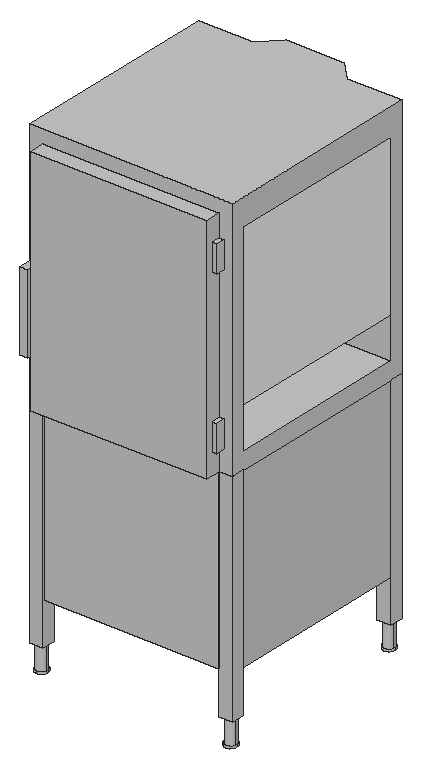
Revit family "QF_ELECTROLUXPROFESSIONAL_510501_RPMWC", category Specialty Equipment, Revit 2018
Family settings
  Round Connector Dimension = Use Diameter
  Part Type = Normal
  Work Plane-Based = No
  Always vertical = Yes
  Cut with Voids When Loaded = No
  Shared = No
  Room Calculation Point = No
Parameters
  hood_sx [instance] = yes
  Weight = 0.00 kg
  Watts = 0 W
  Volts = 220 V
  URL Manufacturer = "http://professional.electrolux.com/"
  URL = "http://professional.electrolux.com/"
  Steam Supply Size = 0 mm
  Steam Supply Minimum Pressure = 0.0 Pa
  Steam Supply Maximum Pressure = 0.0 Pa
  Steam Pounds per Hour = 0
  Show Clearance [instance] = yes
  Refrigeration Suction Line Size = 0 mm
  Refrigeration Liquid Line Size = 0 mm
  Refrigerant Compressor Remote = yes
  Manufacturer = "Electrolux"
  Phase = 0
  Model = "RPMWC"
  Length Actual = 600 mm  # constant formula
  Item Number = "510501"
  Hot Water Size = 12.7 mm
  Height Actual = 1450 mm  # constant formula
  HP = "1.2 HP"
  Gas Size = 0 mm
  Gas KW = 0
  Gas Input Pressure = 0 W
  Direct Waste Size = 139.7 mm
  Description = "REMOTE PREWASH MODULE WITH CORD"
  Depth Actual = 726 mm  # constant formula
  Cycle = 50 Hz
  Condensate Return Size = 0 mm
  Compressed Air Volume = 0.0 L/s
  Compressed Air Size = 0 mm
  Compressed Air Pressure = 0.0 Pa
  Cold Water Size = 12.7 mm
  Accessory = yes
Reference planes
  plane 1: z = 0
  plane 2 "Center Y": x = 883.437
  plane 3 "LEFT": x = 583.437
  plane 4 "RIGHT": x = 1183.437
  plane 5 "BACK": y = 313.258
  plane 6 "FRONT": y = -411.742
  plane 7 "TOP": z = 1450
  plane 8: z = 725
  plane 9 "Center X": y = -53.242
Forms (mm)
  Extrusion 1, solid, material "QF_Finishes_Stainless Steel"
    sketch origin (0, 0, 0) x (1, 0, 0) y (0, 1, 0)
      loop
        line (584.437, -325.742) -> (623.437, -325.742) -> (623.437, -364.742) -> (1143.437, -364.742) -> (1143.437, -325.742) -> (1182.437, -325.742) -> (1182.437, 219.258) -> (1143.437, 219.258) -> (1143.437, 258.258) -> (623.437, 258.258) -> (623.437, 219.258) -> (584.437, 219.258) -> (584.437, -325.742)
    from 201.366 to 725
  Extrusion 2, solid, material "QF_Finishes_Stainless Steel"
    sketch origin (0, 0, 0) x (1, 0, 0) y (0, 1, 0)
      loop
        line (583.437, 259.258) -> (583.437, -365.742) -> (1183.437, -365.742) -> (1183.437, 259.258) -> (583.437, 259.258)
    from 725 to 1450
  Extrusion 3, solid, material "QF_Finishes_Stainless Steel"
    sketch origin (0, 0, 0) x (1, 0, 0) y (0, 1, 0)
      loop
        line (623.437, -365.742) -> (623.437, -411.742) -> (1143.437, -411.742) -> (1143.437, -365.742) -> (623.437, -365.742)
    from 725 to 1410
  Extrusion 4, solid, material "QF_Finishes_Stainless Steel"
    sketch origin (1183.437, -365.742, 0) x (-1, 0, 0) y (0, 0, -1)
      loop
        line (40, -1345.389) -> (40, -1265.389) -> (25, -1265.389) -> (25, -1345.389) -> (40, -1345.389)
      loop
        line (40, -789.611) -> (25, -789.611) -> (25, -869.611) -> (40, -869.611) -> (40, -789.611)
    from 0 to 25.982
  Extrusion 5, solid, material "QF_Finishes_Stainless Steel"
    sketch origin (583.437, 437.565, 4000) x (0, 1, 0) y (0, 0, 1)
      loop
        line (-803.307, -2904.611) -> (-849.307, -2904.611) -> (-849.307, -3139.611) -> (-834.307, -3139.611) -> (-834.307, -2979.611) -> (-803.307, -2979.611) -> (-803.307, -2904.611)
    from 9.482 to 31.615
  Extrusion 6, solid, material "QF_Finishes_Stainless Steel"
    sketch origin (0, 0, 0) x (1, 0, 0) y (0, 1, 0)
      loop
        line (743.437, 259.258) -> (1023.437, 259.258) -> (969.437, 313.258) -> (797.437, 313.258) -> (743.437, 259.258)
    from 725 to 1450
  Extrusion 7, void
    sketch origin (583.437, 239.258, 0) x (0, -1, 0) y (0, 0, -1)
      loop
        line (20, -1370) -> (565, -1370) -> (565, -775) -> (20, -775) -> (20, -1370)
    from 0 to 600
  Extrusion 8, solid, material "QF_Finishes_Trasparent Plastic"
    sketch origin (1328.306, -1560.5, 1370) x (1, 0, 0) y (0, 1, 0)
      loop
        line (-744.868, 1779.758) -> (-744.868, 1234.758) -> (-742.868, 1234.758) -> (-742.868, 1779.758) -> (-744.868, 1779.758)
    from 0 to -471.033
  Extrusion 9, solid, material "QF_Finishes_Trasparent Plastic"
    sketch origin (438.569, -1560.5, 1370) x (-1, 0, 0) y (0, -1, 0)
      loop
        line (-744.868, -1779.758) -> (-742.868, -1779.758) -> (-742.868, -1234.758) -> (-744.868, -1234.758) -> (-744.868, -1779.758)
    from 0 to -471.033
  Extrusion 10, solid, material "QF_Door-Drawer Clearances", visible <- "Show Clearance", detail levels coarse
    sketch origin (0, 0, 0) x (1, 0, 0) y (0, 1, 0)
      loop
        arc (623.437, -411.742) -> (1143.437, -931.742) -> (1663.437, -411.742) r 520
        line (1663.437, -411.742) -> (623.437, -411.742)
    from 725 to 1410
  Extrusion 11, solid, material "QF_Finishes_Stainless Steel"
    sketch origin (0, 0, 0) x (1, 0, 0) y (0, 1, 0)
      loop
        circle (1041.337, 36.258) r 10
    from 173.899 to 201.366
  Extrusion 12, solid, material "QF_Finishes_Stainless Steel"
    sketch origin (-156.9, -246.9, 0) x (1, 0, 0) y (0, 1, 0)
      loop
        circle (1041.337, 36.258) r 10
    from 173.899 to 201.366
  Extrusion 13, solid, material "QF_Finishes_Stainless Steel"
    sketch origin (-306.9, -276.9, 0) x (1, 0, 0) y (0, 1, 0)
      loop
        circle (1041.337, 36.258) r 10
    from 173.899 to 201.366
  Extrusion 14, solid, material "QF_Finishes_Stainless Steel"
    sketch origin (-246.9, -276.9, 0) x (1, 0, 0) y (0, 1, 0)
      loop
        circle (1041.337, 36.258) r 10
    from 173.899 to 201.366
Cuts and joins
  Extrusion 7 cuts Extrusion 2
  joined: Extrusion 1, Extrusion 2, Extrusion 3, Extrusion 4, Extrusion 5, Extrusion 6, Extrusion 11, Extrusion 12, Extrusion 13, Extrusion 14
Lines and regions (mm)
  model lines
    curve 1: line (583.437, -44.492, 898.967) -> (583.437, -44.492, 1369.026)
    curve 2: line (583.437, -106.992, 898.967) -> (583.437, -106.992, 1369.026)
    curve 3: line (583.437, -169.492, 898.967) -> (583.437, -169.492, 1369.026)
    curve 4: line (583.437, -231.992, 898.967) -> (583.437, -231.992, 1369.026)
    curve 5: line (583.437, -294.492, 898.967) -> (583.437, -294.492, 1369.026)
    curve 6: line (583.437, 18.008, 898.967) -> (583.437, 18.008, 1369.026)
    curve 7: line (583.437, 80.508, 898.967) -> (583.437, 80.508, 1369.026)
    curve 8: line (583.437, 143.008, 898.967) -> (583.437, 143.008, 1369.026)
    curve 9: line (583.437, 188.008, 898.967) -> (583.437, 188.008, 1369.026)
    curve 10: line (1183.437, -44.492, 898.967) -> (1183.437, -44.492, 1369.026)
    curve 11: line (1183.437, -106.992, 898.967) -> (1183.437, -106.992, 1369.026)
    curve 12: line (1183.437, -169.492, 898.967) -> (1183.437, -169.492, 1369.026)
    curve 13: line (1183.437, -231.992, 898.967) -> (1183.437, -231.992, 1369.026)
    curve 14: line (1183.437, -294.492, 898.967) -> (1183.437, -294.492, 1369.026)
    curve 15: line (1183.437, 18.008, 898.967) -> (1183.437, 18.008, 1369.026)
    curve 16: line (1183.437, 80.508, 898.967) -> (1183.437, 80.508, 1369.026)
    curve 17: line (1183.437, 143.008, 898.967) -> (1183.437, 143.008, 1369.026)
    curve 18: line (1183.437, 188.008, 898.967) -> (1183.437, 188.008, 1369.026)
  symbolic lines
    curve 19: line (583.437, 259.258, 0) -> (1183.437, 259.258, 0)
    curve 20: line (583.437, -365.742, 0) -> (583.437, 259.258, 0)
    curve 21: line (1183.437, -365.742, 0) -> (583.437, -365.742, 0)
    curve 22: line (1183.437, 259.258, 0) -> (1183.437, -365.742, 0)
    curve 23: line (743.437, 259.258, 0) -> (797.437, 313.258, 0)
    curve 24: line (797.437, 313.258, 0) -> (969.437, 313.258, 0)
    curve 25: line (969.437, 313.258, 0) -> (1023.437, 259.258, 0)
    curve 26: line (623.437, -365.742, 0) -> (623.437, -411.742, 0)
    curve 27: line (623.437, -411.742, 0) -> (1143.437, -411.742, 0)
    curve 28: line (1143.437, -411.742, 0) -> (1143.437, -365.742, 0)
    curve 29: line (592.919, -365.742, 0) -> (592.919, -411.742, 0)
    curve 30: line (592.919, -411.742, 0) -> (615.053, -411.742, 0)
    curve 31: line (615.053, -411.742, 0) -> (615.053, -365.742, 0)
    curve 32: line (1143.437, -391.724, 0) -> (1158.437, -391.724, 0)
    curve 33: line (1158.437, -391.724, 0) -> (1158.437, -365.742, 0)
    curve 37: line (1183.437, -53.242, 0) -> (1153.437, -53.242, 0)
  symbolic lines, style "QF_Door-Drawer Clearances"
    curve 34: arc (623.437, -411.742, 0) -> (1143.437, -931.742, 0) -> (1663.437, -411.742, 0) r 520
    curve 35: line (1663.437, -411.742, 0) -> (623.437, -411.742, 0)
  symbolic lines, style "SpecialityEquipment"
    curve 36: line (583.437, -53.242, 0) -> (613.437, -53.242, 0)
Dimensions and locks
  plane 3 "LEFT" to plane 4 "RIGHT" = 600 mm
  plane 5 "BACK" to plane 6 "FRONT" = 725 mm
  equal spacing: plane 3 "LEFT", plane 2 "Center Y", plane 4 "RIGHT"
  aligned and locked: level to plane 1
  aligned and locked: plane 7 "TOP" to Extrusion 2
  aligned and locked: Extrusion 11 to Extrusion 1
Automatic sketch dimensions
  Extrusion 1 sketch curve to plane 4 "RIGHT" = 1 mm
  plane 3 "LEFT" to Extrusion 1 sketch curve = 40 mm
  Extrusion 1 sketch curve to plane 4 "RIGHT" = 40 mm  (x2)
  Extrusion 3 sketch curve to plane 6 "FRONT" = 0 mm
  plane 3 "LEFT" to Extrusion 3 sketch curve = 40 mm
  Extrusion 3 sketch curve to plane 4 "RIGHT" = 40 mm
  Extrusion 4 sketch curve to Extrusion 2 = 25 mm  (x2)
  Extrusion 4 sketch curve to Extrusion 4 sketch curve = 15 mm  (x2)
  Extrusion 2 to Extrusion 4 sketch curve = 104.611 mm
  Extrusion 4 sketch curve to Extrusion 4 sketch curve = 80 mm
  Extrusion 2 to Extrusion 4 sketch curve = 144.611 mm
  Extrusion 2 to Extrusion 4 sketch curve = 64.611 mm
  Extrusion 5 sketch curve to plane 6 "FRONT" = 0 mm
  Extrusion 5 sketch curve to Extrusion 5 sketch curve = 15 mm
  plane 8 to Extrusion 5 sketch curve = 135.389 mm
  Extrusion 5 sketch curve to Extrusion 5 sketch curve = 160 mm
  Extrusion 5 sketch curve to Extrusion 5 sketch curve = 75 mm
  Extrusion 6 sketch curve to plane 5 "BACK" = 0 mm
  Extrusion 7 sketch curve to Extrusion 2 = 40 mm
  Extrusion 2 to Extrusion 7 sketch curve = 40 mm
  Extrusion 7 sketch curve to Extrusion 2 = 80 mm
  Extrusion 7 sketch curve to Extrusion 2 = 50 mm
  Extrusion 8 sketch curve to plane 3 "LEFT" = 0 mm
  Extrusion 8 sketch curve to Extrusion 8 sketch curve = 2 mm
  curve 5 to Extrusion 8 = 0 mm
  curve 4 to Extrusion 8 = 0 mm
  curve 3 to Extrusion 8 = 0 mm
  curve 2 to Extrusion 8 = 0 mm
  curve 1 to Extrusion 8 = 0 mm
  curve 6 to Extrusion 8 = 0 mm
  curve 7 to Extrusion 8 = 0 mm
  curve 8 to Extrusion 8 = 0 mm
  curve 9 to Extrusion 8 = 0 mm
  Extrusion 8 to curve 5 = 0.974 mm
  Extrusion 8 to curve 5 = 31.25 mm
  curve 5 to curve 4 = 62.5 mm
  Extrusion 8 to curve 3 = 0.974 mm
  curve 4 to curve 3 = 62.5 mm
  Extrusion 8 to curve 2 = 0.974 mm
  curve 3 to curve 2 = 62.5 mm
  Extrusion 8 to curve 1 = 0.974 mm
  curve 2 to curve 1 = 62.5 mm
  Extrusion 8 to curve 6 = 0.974 mm
  curve 1 to curve 6 = 62.5 mm
  Extrusion 8 to curve 7 = 0.974 mm
  curve 6 to curve 7 = 62.5 mm
  Extrusion 8 to curve 8 = 0.974 mm
  curve 7 to curve 8 = 62.5 mm
  Extrusion 8 to curve 9 = 0.974 mm
  curve 9 to Extrusion 8 = 31.25 mm
  Extrusion 8 to curve 4 = 0.974 mm
  Extrusion 9 sketch curve to plane 4 "RIGHT" = 0 mm
  Extrusion 9 sketch curve to Extrusion 9 sketch curve = 2 mm
  curve 14 to Extrusion 9 = 0 mm
  curve 13 to Extrusion 9 = 0 mm
  curve 12 to Extrusion 9 = 0 mm
  curve 11 to Extrusion 9 = 0 mm
  curve 10 to Extrusion 9 = 0 mm
  curve 15 to Extrusion 9 = 0 mm
  curve 16 to Extrusion 9 = 0 mm
  curve 17 to Extrusion 9 = 0 mm
  curve 18 to Extrusion 9 = 0 mm
  Extrusion 9 to curve 14 = 0.974 mm
  Extrusion 9 to curve 14 = 31.25 mm
  curve 14 to curve 13 = 62.5 mm
  Extrusion 9 to curve 12 = 0.974 mm
  curve 13 to curve 12 = 62.5 mm
  Extrusion 9 to curve 11 = 0.974 mm
  curve 12 to curve 11 = 62.5 mm
  Extrusion 9 to curve 10 = 0.974 mm
  curve 11 to curve 10 = 62.5 mm
  Extrusion 9 to curve 15 = 0.974 mm
  curve 10 to curve 15 = 62.5 mm
  Extrusion 9 to curve 16 = 0.974 mm
  curve 15 to curve 16 = 62.5 mm
  Extrusion 9 to curve 17 = 0.974 mm
  curve 16 to curve 17 = 62.5 mm
  Extrusion 9 to curve 18 = 0.974 mm
  curve 18 to Extrusion 9 = 31.25 mm
  Extrusion 9 to curve 13 = 0.974 mm
  Extrusion 10 sketch curve to plane 6 "FRONT" = 0 mm
  plane 3 "LEFT" to Extrusion 10 sketch curve = 40 mm
  Extrusion 10 sketch curve to plane 4 "RIGHT" = 40 mm
  Extrusion 2 sketch curve to plane 3 "LEFT" = 0 mm
  Extrusion 2 sketch curve to plane 4 "RIGHT" = 0 mm
  Extrusion 6 sketch curve to plane 2 "Center Y" = 86 mm
  Extrusion 6 sketch curve to Extrusion 6 sketch curve = 54 mm  (x2)
  Extrusion 13 sketch curve to plane 2 "Center Y" = 149 mm
  Extrusion 14 sketch curve to plane 2 "Center Y" = 89 mm
  plane 2 "Center Y" to Extrusion 12 sketch curve = 1 mm
  plane 2 "Center Y" to Extrusion 6 sketch curve = 86 mm
  Extrusion 11 sketch curve to plane 4 "RIGHT" = 142.1 mm
  plane 6 "FRONT" to Extrusion 1 sketch curve = 86 mm
  Extrusion 1 sketch curve to Extrusion 1 sketch curve = 39 mm  (x5)
  plane 6 "FRONT" to Extrusion 2 sketch curve = 46 mm
  plane 6 "FRONT" to Extrusion 3 sketch curve = 46 mm
  Extrusion 5 sketch curve to Extrusion 5 sketch curve = 46 mm
  plane 6 "FRONT" to Extrusion 8 sketch curve = 86 mm
  plane 6 "FRONT" to Extrusion 9 sketch curve = 86 mm
  plane 6 "FRONT" to Extrusion 13 sketch curve = 171.1 mm
  plane 6 "FRONT" to Extrusion 14 sketch curve = 171.1 mm
  plane 3 "LEFT" to Extrusion 1 sketch curve = 1 mm
  Extrusion 1 sketch curve to plane 5 "BACK" = 94 mm
  Extrusion 2 sketch curve to plane 5 "BACK" = 54 mm
  Extrusion 6 sketch curve to plane 5 "BACK" = 54 mm
  Extrusion 8 sketch curve to plane 5 "BACK" = 94 mm
  Extrusion 9 sketch curve to plane 5 "BACK" = 94 mm
  Extrusion 11 sketch curve to plane 5 "BACK" = 277 mm
  plane 6 "FRONT" to Extrusion 12 sketch curve = 201.1 mm
  curve 19 to plane 3 "LEFT" = 0 mm
  curve 29 to plane 6 "FRONT" = 0 mm
  curve 36 to plane 9 "Center X" = 0 mm
  curve 34 to plane 6 "FRONT" = 0 mm
  curve 24 to plane 5 "BACK" = 0 mm
  curve 37 to plane 9 "Center X" = 0 mm
  curve 37 to plane 4 "RIGHT" = 0 mm
  plane 3 "LEFT" to curve 29 = 9.482 mm
  curve 29 to curve 30 = 22.134 mm
  curve 30 to curve 26 = 8.385 mm
  curve 24 to plane 2 "Center Y" = 86 mm
  plane 2 "Center Y" to curve 25 = 86 mm
  curve 27 to plane 4 "RIGHT" = 40 mm
  curve 34 to curve 27 = 0 mm
  curve 32 to curve 32 = 15 mm
  plane 6 "FRONT" to curve 33 = 20.018 mm
  plane 6 "FRONT" to curve 21 = 46 mm
  curve 19 to plane 5 "BACK" = 54 mm
  curve 36 to curve 36 = 30 mm
  curve 23 to curve 23 = 54 mm
  curve 24 to curve 25 = 54 mm
  curve 37 to curve 37 = 30 mm
  radius of Extrusion 11 sketch curve = 10 mm
  radius of Extrusion 12 sketch curve = 10 mm
  radius of Extrusion 13 sketch curve = 10 mm
  radius of Extrusion 14 sketch curve = 10 mm
Nested families
  nested 1: "Foot_40x40" at (603.437, 239.258, 0), type "Foot_40x40"
    with A 725 mm
  nested 2: "Foot_40x40" at (603.437, -345.742, 0), type "Foot_40x40"
    with A 725 mm
  nested 3: "Foot_40x40" at (1163.437, -345.742, 0), type "Foot_40x40"
    with A 725 mm
  nested 4: "Foot_40x40" at (1163.437, 239.258, 0), type "Foot_40x40"
    with A 725 mm
Connectors
  piping at (1041.337, 36.258, 173.899), diameter 20
    settings: on Extrusion 11, index 1, connector inside diameter 609.6 mm, connector length 0 mm, flow factor 0, pipe flow 0.0 L/s, pressure drop 0.0 Pa, fitting loss kfactor 0, connector angle 0.00°, fixture units 0, engagement length 0 mm, angle of deflection 0.00°, flow configuration 1, flow direction 2, fitting loss method 0, system type 16, joint type 0, gender type 0, connector reference index -1, connector utility 0, adjustable connector no, is connector primary yes, connector description "Drain"
  electrical at (884.437, -210.642, 173.899)
    settings: on Extrusion 12, index 2, voltage 0 V, apparent load 0 VA, apparent load phase1 0 VA, apparent load phase2 0 VA, apparent load phase3 0 VA, power factor 1, load classification "Other", number of poles 1, system type 30, power factor state 1, is connector primary yes, connector utility no, sub classification motor no, connector description "Electrical Connection"
  piping at (734.437, -240.642, 173.899), diameter 20
    settings: on Extrusion 13, index 3, connector inside diameter 609.6 mm, connector length 0 mm, flow factor 0, pipe flow 0.0 L/s, pressure drop 0.0 Pa, fitting loss kfactor 0, connector angle 0.00°, fixture units 0, engagement length 0 mm, angle of deflection 0.00°, flow configuration 1, flow direction 1, fitting loss method 0, system type 20, joint type 0, gender type 0, connector reference index -1, connector utility 0, adjustable connector no, is connector primary no, connector description "Cold Water Inlet"
  piping at (794.437, -240.642, 173.899), diameter 20
    settings: on Extrusion 14, index 4, connector inside diameter 609.6 mm, connector length 0 mm, flow factor 0, pipe flow 0.0 L/s, pressure drop 0.0 Pa, fitting loss kfactor 0, connector angle 0.00°, fixture units 0, engagement length 0 mm, angle of deflection 0.00°, flow configuration 1, flow direction 1, fitting loss method 0, system type 19, joint type 0, gender type 0, connector reference index -1, connector utility 0, adjustable connector no, is connector primary no, connector description "Hot Water Inlet"
Definition of nested family "Foot_40x40"
  Parameters
    A [instance] = 850 mm
  Reference planes
    plane 1 "Centro (Fronte/Retro)": y = 0
    plane 2: z = 0
    plane 3 "Centro (Sinistra/Destra)": x = 0
    plane 4: z = 850
  Forms (mm)
    Extrusion 1, solid
      sketch origin (0, 0, 0) x (1, 0, 0) y (0, 1, 0)
        loop
          circle (0, 0) r 18
      from 0 to 5
    Extrusion 2, solid
      sketch origin (0, 0, 5) x (1, 0, 0) y (0, 1, 0)
        loop
          circle (0, 0) r 15
      from 0 to 70
    Extrusion 3, solid
      sketch origin (0, 0, 75) x (1, 0, 0) y (0, 1, 0)
        loop
          line (-20, 20) -> (-20, -20) -> (20, -20) -> (20, 20) -> (-20, 20)
      from 0 to 775
  Dimensions and locks
    "A": plane 4 to plane 2
    aligned and locked: level to plane 2
    aligned and locked: plane 4 to Extrusion 3
    aligned and locked: Extrusion 1 to level
  Automatic sketch dimensions
    plane 1 "Centro (Fronte/Retro)" to Extrusion 1 sketch curve = 0 mm
    Extrusion 1 sketch curve to plane 3 "Centro (Sinistra/Destra)" = 0 mm
    Extrusion 3 sketch curve to Extrusion 3 sketch curve = 40 mm  (x2)
    radius of Extrusion 1 sketch curve = 18 mm
    radius of Extrusion 2 sketch curve to Extrusion 1 = 3 mm
